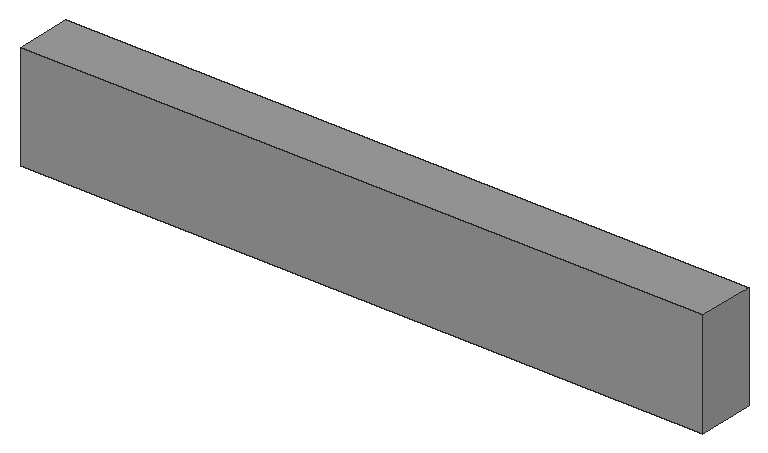
Revit family "Brick sill", category Windows, host Face, Revit 2020
Family settings
  Host = Face
  Cut with Voids When Loaded = Yes
  Shared = Yes
  Room Calculation Point = No
Parameters (values of type "Brick sill")
  Width [instance] = 900 mm
  Sill protrusion = 30 mm
  Sill height = 75 mm
  Sill depth [instance] = 110 mm
  Sill = Brick soldier
  Default Elevation = 1219.2 mm
Reference planes
  plane 1 "Top": y = 0
  plane 2: z = 0
  plane 3 "Center (Left/Right)": x = 0
  plane 4 "Left": x = -450
  plane 5 "Right": x = 450
  plane 6: y = -75
  plane 7: z = -110
  plane 8: z = 30
Forms (mm)
  Extrusion 1, void
    sketch origin (0, 0, 0) x (1, 0, 0) y (0, 1, 0)
      loop
        line (-450, 0) -> (-450, -75) -> (450, -75) -> (450, 0) -> (-450, 0)
    from -110 to 30
  Extrusion 2, solid, material "Brick soldier" <- "Sill"
    sketch origin (0, 0, 0) x (1, 0, 0) y (0, 1, 0)
      loop
        line (-450, 0) -> (-450, -75) -> (450, -75) -> (450, 0) -> (-450, 0)
    from -110 to 30
Dimensions and locks
  equal spacing: plane 4 "Left", plane 3 "Center (Left/Right)", plane 5 "Right"
  "Width": plane 4 "Left" to plane 5 "Right"
  "Sill height": plane 6 to plane 1 "Top"
  "Sill depth": level to plane 7
  "Sill protrusion": plane 8 to level
  aligned and locked: plane 2 to host face
  aligned and locked: level to host face
  aligned and locked: Extrusion 1 sketch curve to plane 6
  aligned and locked: Extrusion 1 sketch curve to plane 5 "Right"
  aligned and locked: plane 1 "Top" to Extrusion 1 sketch curve
  aligned and locked: Extrusion 1 sketch curve to plane 4 "Left"
  aligned and locked: Extrusion 1 to plane 7
  aligned and locked: plane 8 to Extrusion 1
  aligned and locked: Extrusion 2 sketch curve to plane 5 "Right"
  aligned and locked: plane 1 "Top" to Extrusion 2 sketch curve
  aligned and locked: Extrusion 2 sketch curve to plane 6
  aligned and locked: Extrusion 2 sketch curve to plane 4 "Left"
  aligned and locked: Extrusion 2 to plane 7
  aligned and locked: plane 8 to Extrusion 2
Automatic sketch dimensions
  host sketch curve to host sketch curve = 2438.4 mm  (x2)
